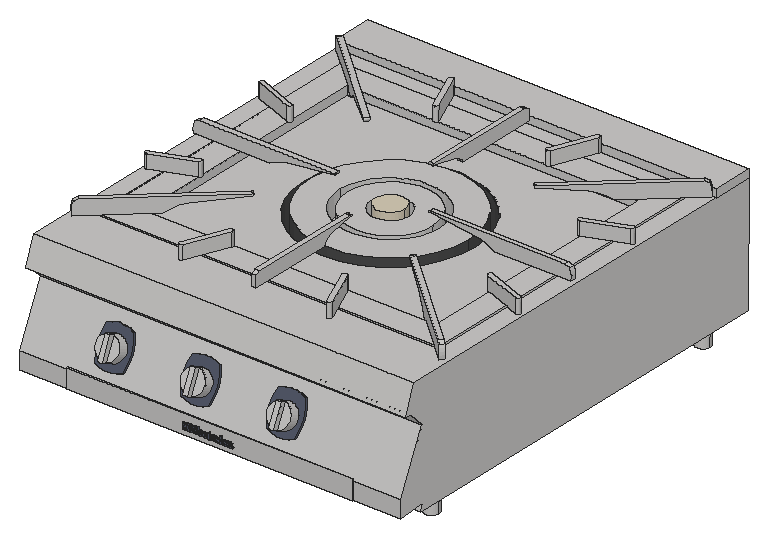
Revit family "QF_ELECTROLUXPROFESSIONAL_391024_E9GCGH3C00", category Specialty Equipment, Revit 2018
Family settings
  Round Connector Dimension = Use Diameter
  Part Type = Normal
  Work Plane-Based = No
  Always vertical = Yes
  Cut with Voids When Loaded = No
  Shared = No
  Room Calculation Point = No
Parameters
  Weight in Pounds = 92
  Watts = 0 W
  URL Cutsheet = "www.electrolux.com/foodservice"
  URL = "www.electrolux.com/foodservice"
  Type Mark [instance] = ""
  Status [instance] = ""
  Specification by User [instance] = ""
  Specification by Manufacturer = ""
  Show Logo [instance] = yes
  Show Clearance [instance] = yes
  Serial Number = ""
  Seismic Rating = ""
  SMACNA No = ""
  Revision Code [instance] = ""
  Omniclass Number and Title = ""
  NAFEM Spec ID Number = ""
  Model = "391024"
  Mechanical Remarks [instance] = ""
  Mechanical Connection Type [instance] = ""
  Masterspec = ""
  Manufacturer = "ELECTROLUX"
  Item Number [instance] = ""
  Installed By [instance] = ""
  Identify Quantity as Lot [instance] = yes
  HP = "0 HP"
  Gas Size = 1/2"
  Gas RI Height [instance] = 0 mm
  Gas KW [instance] = 30
  Gas Input [instance] = 102270.0 Btu/h
  Gas Connection Height = 0 mm
  Furnished By [instance] = ""
  Foodservice Equipment Identifier [instance] = yes
  Direct Waste Size = 0"
  Description = "900XP 3 GAS BOILING TOP 5kW -10kW -15kW – LPG GAS"
  CSI MasterFormat = ""
  CSI Master Format = ""
Reference planes
  plane 1 "BACK": y = 0
  plane 2: z = 0
  plane 3 "LEFT": x = 0
  plane 4 "RIGHT": x = 800
  plane 5 "FRONT": y = -914
  plane 6 "TOP": z = 308
  plane 7 "Center Y": x = 400
  plane 8 "Center X": y = -457
  plane 9: z = 24
  plane 10: y = -900
  plane 11: z = 275
  plane 12: y = -84
  plane 13: y = -800
  plane 14: y = -1684
  plane 15: y = -664
Forms (mm)
  Extrusion 1, solid, material "QF_Finishes_Stainless Steel"
    sketch origin (0, 0, 0) x (0, 1, 0) y (0, 0, 1)
      loop
        line (0, 24) -> (0, 275) -> (-879.344, 275) -> (-900, 218.64) -> (-890.879, 218.64) -> (-859.06, 186.82) -> (-914, 69) -> (-914, 34) -> (-856.118, 38.489) -> (-860, 24) -> (0, 24)
    from 0 to 800
  Extrusion 2, solid, material "QF_Finishes_Stainless Steel"
    sketch origin (0, 0, 24) x (-1, 0, 0) y (0, 1, 0)
      loop
        circle (-15, -100) r 15
      loop
        circle (-15, -814) r 15
      loop
        circle (-785, -100) r 15
      loop
        circle (-785, -814) r 15
    from 0 to 24
  Extrusion 3, solid, material "QF_Finishes_Stainless Steel"
    sketch origin (0, -914, 34) x (0, 0, 1) y (-1, 0, 0)
      loop
        line (40, -700) -> (40, -100) -> (0, -100) -> (0, -700) -> (40, -700)
    from 0 to 2
  Extrusion 4, solid, material "QF_Finishes_Navy Blue - Electrolux"
    sketch origin (0, -914, 69) x (0, 0.422618, 0.906308) y (-1, 0, 0)
      loop
        arc (98.966, -150.646) -> (63.385, -143.022) -> (27.676, -150.029) r 90.5
        arc (27.676, -150.029) -> (20.85, -179.216) -> (27.676, -208.404) r 65.817
        arc (27.676, -208.404) -> (63.384, -215.364) -> (98.966, -207.791) r 91.066
        arc (98.966, -207.791) -> (105.522, -179.219) -> (98.966, -150.646) r 65.546
      loop
        arc (100.841, -330.52) -> (65.26, -322.896) -> (29.551, -329.903) r 90.5
        arc (29.551, -329.903) -> (22.725, -359.09) -> (29.551, -388.278) r 65.817
        arc (29.551, -388.278) -> (65.259, -395.238) -> (100.841, -387.665) r 91.066
        arc (100.841, -387.665) -> (107.397, -359.093) -> (100.841, -330.52) r 65.546
      loop
        arc (102.091, -511.019) -> (66.51, -503.394) -> (30.801, -510.401) r 90.5
        arc (30.801, -510.401) -> (23.975, -539.589) -> (30.801, -568.777) r 65.817
        arc (30.801, -568.777) -> (66.509, -575.737) -> (102.091, -568.164) r 91.066
        arc (102.091, -568.164) -> (108.647, -539.591) -> (102.091, -511.019) r 65.546
    from 0 to 3
  Extrusion 5, solid, material "QF_Finishes_Navy Blue", visible <- "Show Logo"
    sketch origin (0, -916, 34) x (0, 0, 1) y (-1, 0, 0)
      loop
        line (24.014, -353.488) -> (11.648, -353.488)
        arc (11.648, -353.488) -> (17.831, -358.06) -> (24.014, -353.488) r 6.467
      loop
        arc (24.014, -352.859) -> (22.845, -347.716) -> (18.189, -345.238) r 6.338
        line (18.189, -345.238) -> (18.189, -347.284)
        arc (18.189, -347.284) -> (19.673, -350.939) -> (23.119, -352.859) r 5.941
        line (23.119, -352.859) -> (24.014, -352.859)
      loop
        arc (12.543, -352.859) -> (15.989, -350.939) -> (17.472, -347.284) r 5.941
        line (17.472, -347.284) -> (17.472, -345.238)
        arc (17.472, -345.238) -> (12.778, -347.712) -> (11.489, -352.859) r 6.504
        line (11.489, -352.859) -> (12.543, -352.859)
      loop
        line (24.689, -344.769) -> (10.945, -344.769) -> (10.945, -358.532) -> (24.689, -358.532) -> (24.689, -344.769)
      loop
        arc (24.773, -361.5) -> (24.425, -361.142) -> (24.058, -361.48) r 0.358
        arc (24.058, -361.48) -> (23.744, -362.23) -> (23.027, -362.615) r 1.216
        line (23.027, -362.615) -> (12.614, -362.615)
        arc (12.614, -362.615) -> (11.954, -362.337) -> (11.558, -361.741) r 1.238
        arc (11.558, -361.741) -> (11.164, -361.49) -> (10.858, -361.844) r 0.358
        line (10.858, -361.844) -> (10.858, -371.723) -> (13.609, -371.723) -> (13.609, -370.826)
        arc (13.609, -370.826) -> (12.7, -370.246) -> (12.245, -369.269) r 1.928
        line (12.245, -369.269) -> (12.245, -366.77)
        arc (12.245, -366.77) -> (12.52, -366.041) -> (13.209, -365.677) r 1.101
        line (13.209, -365.677) -> (17.295, -365.677) -> (17.295, -369.351)
        arc (17.295, -369.351) -> (16.942, -369.848) -> (16.377, -370.075) r 1.083
        arc (16.377, -370.075) -> (16.114, -370.381) -> (16.406, -370.659) r 0.292
        line (16.406, -370.659) -> (19.368, -370.659)
        arc (19.368, -370.659) -> (19.671, -370.386) -> (19.432, -370.056) r 0.305
        arc (19.432, -370.056) -> (18.942, -369.808) -> (18.637, -369.351) r 1.083
        line (18.637, -369.351) -> (18.637, -365.677) -> (23.314, -365.677) -> (23.314, -369.424)
        arc (23.314, -369.424) -> (23.1, -370.18) -> (22.493, -370.678) r 1.314
        arc (22.493, -370.678) -> (22.274, -371.082) -> (22.629, -371.375) r 0.361
        line (22.629, -371.375) -> (24.773, -371.375) -> (24.773, -361.5)
      loop
        arc (24.055, -372.155) -> (23.675, -373.074) -> (22.756, -373.454) r 1.299
        line (22.756, -373.454) -> (13.178, -373.454)
        arc (13.178, -373.454) -> (12.34, -373.076) -> (12.068, -372.198) r 1.118
        line (12.068, -372.198) -> (10.858, -372.198) -> (10.858, -377.548) -> (12.047, -377.548)
        arc (12.047, -377.548) -> (12.318, -376.631) -> (13.188, -376.235) r 1.153
        line (13.188, -376.235) -> (25.261, -376.235) -> (24.055, -372.155)
      loop
        line (15.823, -380.184) -> (15.823, -386.632) -> (16.622, -386.632)
        arc (16.622, -386.632) -> (19.203, -385.647) -> (20.471, -383.194) r 3.874
        line (20.471, -383.194) -> (20.471, -381.433)
        arc (20.471, -381.433) -> (19.285, -378.568) -> (16.42, -377.382) r 4.051
        line (16.42, -377.382) -> (14.412, -377.382)
        arc (14.412, -377.382) -> (11.594, -378.867) -> (10.542, -381.874) r 4.352
        arc (10.542, -381.874) -> (10.906, -384.337) -> (12.284, -386.411) r 5.713
        line (12.284, -386.411) -> (13.233, -386.411)
        arc (13.233, -386.411) -> (12.5, -384.842) -> (12.284, -383.124) r 5.579
        arc (12.284, -383.124) -> (13.078, -381.161) -> (14.957, -380.184) r 3.057
        line (14.957, -380.184) -> (15.823, -380.184)
      loop
        line (17.082, -380.184) -> (17.082, -383.766)
        arc (17.082, -383.766) -> (18.539, -383.813) -> (19.422, -382.654) r 1.59
        line (19.422, -382.654) -> (19.422, -381.824)
        arc (19.422, -381.824) -> (18.558, -380.569) -> (17.082, -380.184) r 2.184
      loop
        arc (19.873, -396.049) -> (20.362, -394.375) -> (20.52, -392.638) r 9.023
        line (20.52, -392.638) -> (20.52, -391.276)
        arc (20.52, -391.276) -> (19.36, -388.476) -> (16.561, -387.317) r 3.959
        line (16.561, -387.317) -> (13.96, -387.317)
        arc (13.96, -387.317) -> (11.679, -388.609) -> (10.561, -390.982) r 4.331
        line (10.561, -390.982) -> (10.561, -393.117)
        arc (10.561, -393.117) -> (11.069, -394.667) -> (11.991, -396.013) r 5.772
        arc (11.991, -396.013) -> (12.753, -396.064) -> (12.839, -395.305) r 0.553
        arc (12.839, -395.305) -> (12.451, -394.571) -> (12.318, -393.752) r 2.573
        line (12.318, -393.752) -> (12.318, -392.237)
        arc (12.318, -392.237) -> (13.323, -390.595) -> (15.138, -389.953) r 2.884
        line (15.138, -389.953) -> (16.417, -389.953)
        arc (16.417, -389.953) -> (18.238, -390.513) -> (19.165, -392.178) r 2.554
        line (19.165, -392.178) -> (19.165, -393.231)
        arc (19.165, -393.231) -> (18.833, -394.159) -> (18.176, -394.894) r 2.564
        arc (18.176, -394.894) -> (17.955, -395.611) -> (18.564, -396.049) r 0.643
        line (18.564, -396.049) -> (19.873, -396.049)
      loop
        line (18.855, -396.319) -> (18.855, -397.82) -> (12.807, -397.82)
        arc (12.807, -397.82) -> (11.219, -398.478) -> (10.561, -400.066) r 2.246
        line (10.561, -400.066) -> (10.561, -401.65)
        arc (10.561, -401.65) -> (10.875, -402.514) -> (11.376, -403.286) r 4.06
        arc (11.376, -403.286) -> (12.108, -403.419) -> (12.359, -402.718) r 0.576
        arc (12.359, -402.718) -> (12.253, -402.192) -> (12.318, -401.66) r 1.69
        arc (12.318, -401.66) -> (12.859, -400.872) -> (13.766, -400.569) r 1.506
        line (13.766, -400.569) -> (18.903, -400.569) -> (18.903, -402.966) -> (19.46, -403.522) -> (20.281, -403.522) -> (20.281, -400.663) -> (23.513, -400.663) -> (18.855, -396.319)
      loop
        line (10.779, -404.42) -> (10.779, -409.807) -> (11.889, -409.807)
        arc (11.889, -409.807) -> (12.283, -408.856) -> (13.234, -408.462) r 1.345
        line (13.234, -408.462) -> (16.85, -408.462)
        arc (16.85, -408.462) -> (17.614, -409.054) -> (17.904, -409.976) r 1.615
        line (17.904, -409.976) -> (17.904, -411.532) -> (20.46, -412.217) -> (20.46, -410.834) -> (18.517, -408.275) -> (20.397, -408.275) -> (20.113, -405.569)
        arc (20.113, -405.569) -> (19.673, -405.039) -> (19.015, -405.24) r 0.621
        arc (19.015, -405.24) -> (18.614, -405.582) -> (18.12, -405.765) r 1.501
        line (18.12, -405.765) -> (13.234, -405.765)
        arc (13.234, -405.765) -> (12.283, -405.371) -> (11.889, -404.42) r 1.345
        line (11.889, -404.42) -> (10.779, -404.42)
      loop
        line (16.881, -411.754) -> (14.188, -411.754)
        arc (14.188, -411.754) -> (11.743, -413.062) -> (10.609, -415.592) r 4.288
        arc (10.609, -415.592) -> (10.545, -416.973) -> (10.609, -418.353) r 15.022
        arc (10.609, -418.353) -> (11.743, -420.884) -> (14.188, -422.191) r 4.288
        line (14.188, -422.191) -> (16.881, -422.191)
        arc (16.881, -422.191) -> (19.326, -420.884) -> (20.46, -418.353) r 4.288
        arc (20.46, -418.353) -> (20.523, -416.973) -> (20.46, -415.592) r 15.022
        arc (20.46, -415.592) -> (19.326, -413.062) -> (16.881, -411.754) r 4.288
      loop
        line (17.085, -414.868) -> (13.984, -414.868)
        arc (13.984, -414.868) -> (11.827, -417.025) -> (13.984, -419.182) r 2.157
        line (13.984, -419.182) -> (17.085, -419.182)
        arc (17.085, -419.182) -> (19.242, -417.025) -> (17.085, -414.868) r 2.157
      loop
        arc (24.066, -422.049) -> (23.696, -422.944) -> (22.802, -423.314) r 1.264
        line (22.802, -423.314) -> (12.937, -423.314)
        arc (12.937, -423.314) -> (12.067, -422.917) -> (11.796, -422.001) r 1.153
        line (11.796, -422.001) -> (10.858, -422.001) -> (10.858, -427.109) -> (11.786, -427.109)
        arc (11.786, -427.109) -> (12.146, -426.337) -> (12.937, -426.022) r 1.153
        line (12.937, -426.022) -> (25.261, -426.022) -> (24.066, -422.049)
      loop
        arc (19.186, -426.647) -> (18.987, -427.711) -> (18.018, -428.193) r 1.215
        line (18.018, -428.193) -> (12.998, -428.193)
        arc (12.998, -428.193) -> (11.384, -428.84) -> (10.663, -430.423) r 2.338
        line (10.663, -430.423) -> (10.663, -431.938)
        arc (10.663, -431.938) -> (10.837, -432.942) -> (11.34, -433.828) r 2.979
        line (11.34, -433.828) -> (10.858, -435.625) -> (10.858, -437.314) -> (20.284, -437.314) -> (19.99, -433.11) -> (19.203, -433.11)
        arc (19.203, -433.11) -> (18.848, -433.946) -> (18.095, -434.455) r 1.605
        line (18.095, -434.455) -> (12.992, -434.455)
        arc (12.992, -434.455) -> (12.572, -433.518) -> (12.499, -432.494) r 2.94
        arc (12.499, -432.494) -> (13.06, -431.393) -> (14.214, -430.95) r 1.724
        line (14.214, -430.95) -> (20.41, -430.95) -> (19.186, -426.647)
      loop
        line (20.215, -438.167) -> (18.542, -440.213) -> (15.368, -442.519) -> (11.912, -439.407)
        arc (11.912, -439.407) -> (11.675, -439.013) -> (11.697, -438.554) r 0.789
        line (11.697, -438.554) -> (10.858, -438.554) -> (10.858, -442.099) -> (11.684, -442.099)
        arc (11.684, -442.099) -> (12.027, -441.737) -> (12.517, -441.829) r 0.52
        line (12.517, -441.829) -> (14.317, -443.3) -> (12.198, -444.676)
        arc (12.198, -444.676) -> (11.797, -444.366) -> (11.71, -443.866) r 0.7
        line (11.71, -443.866) -> (10.858, -443.866) -> (10.858, -449.793) -> (11.745, -449.793)
        arc (11.745, -449.793) -> (11.812, -449.134) -> (12.207, -448.603) r 1.247
        line (12.207, -448.603) -> (16.406, -445.322) -> (18.854, -447.375) -> (20.215, -449.117) -> (20.215, -445.393) -> (18.729, -445.816) -> (17.208, -444.539) -> (18.908, -443.349) -> (20.215, -444.126) -> (20.215, -438.167)
    from 0 to 1.644
  Extrusion 6, solid, material "QF_Finishes_Stainless Steel"
    sketch origin (0, -916.719, 70.268) x (0, 0.422618, 0.906308) y (-1, 0, 0)
      loop
        circle (62.18, -179.37) r 25
      loop
        circle (62.18, -359.114) r 25
      loop
        circle (62.18, -539.609) r 25
    from 0 to 20
  Extrusion 7, solid, material "QF_Finishes_Stainless Steel"
    sketch origin (0, -934.845, 78.72) x (0, 0.422618, 0.906308) y (-1, 0, 0)
      loop
        arc (37.825, -173.729) -> (37.188, -178.715) -> (37.562, -183.729) r 25
        line (37.562, -183.729) -> (86.797, -183.729)
        arc (86.797, -183.729) -> (87.171, -178.715) -> (86.535, -173.729) r 25
        line (86.535, -173.729) -> (37.825, -173.729)
      loop
        arc (37.825, -353.472) -> (37.188, -358.458) -> (37.562, -363.472) r 25
        line (37.562, -363.472) -> (86.797, -363.472)
        arc (86.797, -363.472) -> (87.171, -358.458) -> (86.535, -353.472) r 25
        line (86.535, -353.472) -> (37.825, -353.472)
      loop
        arc (37.825, -533.967) -> (37.188, -538.954) -> (37.562, -543.967) r 25
        line (37.562, -543.967) -> (86.797, -543.967)
        arc (86.797, -543.967) -> (87.171, -538.954) -> (86.535, -533.967) r 25
        line (86.535, -533.967) -> (37.825, -533.967)
    from 0 to 10
  Extrusion 8, void
    sketch origin (0, -878.409, 275) x (-1, 0, 0) y (0, 1, 0)
      loop
        line (-39.623, 759.69) -> (-759.623, 759.69) -> (-759.623, 114.69) -> (-39.623, 114.69) -> (-39.623, 759.69)
    from 0 to 100
  Extrusion 9, solid, material "QF_Finishes_Stainless Steel"
    sketch origin (-6.433, -684.161, -570.85) x (1, 0, 0) y (0, 0, -1)
      loop
        arc (7.142, -850.85) -> (6.739, -862.989) -> (9.761, -874.752) r 42.809
        line (9.761, -874.752) -> (19.961, -879.425) -> (304.372, -879.425)
        arc (304.372, -879.425) -> (305.566, -878.312) -> (304.539, -877.043) r 1.197
        line (304.539, -877.043) -> (196.098, -864.021)
        arc (196.098, -864.021) -> (181.361, -858.738) -> (167.839, -850.85) r 85.245
        line (167.839, -850.85) -> (7.142, -850.85)
      loop
        line (801.386, -850.85) -> (640.689, -850.85)
        arc (640.689, -850.85) -> (627.167, -858.738) -> (612.43, -864.021) r 85.245
        line (612.43, -864.021) -> (503.99, -877.043)
        arc (503.99, -877.043) -> (502.962, -878.312) -> (504.156, -879.425) r 1.197
        line (504.156, -879.425) -> (788.567, -879.425) -> (798.768, -874.752)
        arc (798.768, -874.752) -> (801.79, -862.989) -> (801.386, -850.85) r 42.809
    from 224.564 to 234.564
  Extrusion 10, solid, material "QF_Finishes_Stainless Steel"
    sketch origin (400, 175.397, 1219.2) x (0, 1, 0) y (0, 0, 1)
      loop
        line (-433.119, -939.2) -> (-259.397, -939.2) -> (-259.397, -915.356)
        arc (-259.397, -915.356) -> (-264.672, -914.273) -> (-269.094, -911.2) r 13.39
        line (-269.094, -911.2) -> (-507.559, -911.2)
        arc (-507.559, -911.2) -> (-508.657, -912.874) -> (-506.684, -913.214) r 1.197
        line (-506.684, -913.214) -> (-455.807, -923.314)
        arc (-455.807, -923.314) -> (-442.397, -928.307) -> (-433.119, -939.2) r 28.426
      loop
        arc (-798.988, -939.2) -> (-789.71, -928.307) -> (-776.3, -923.314) r 28.426
        line (-776.3, -923.314) -> (-725.422, -913.214)
        arc (-725.422, -913.214) -> (-723.45, -912.874) -> (-724.548, -911.2) r 1.197
        line (-724.548, -911.2) -> (-965.701, -911.2)
        arc (-965.701, -911.2) -> (-970.123, -914.273) -> (-975.397, -915.356) r 13.39
        line (-975.397, -915.356) -> (-975.397, -939.2) -> (-798.988, -939.2)
    from -5 to 5
  Extrusion 11, solid, material "QF_Finishes_Stainless Steel"
    sketch origin (0, -878.409, 277) x (0, 1, 0) y (-1, 0, 0)
      loop
        line (581.872, -9.079) -> (550.465, -92.006)
        arc (550.465, -92.006) -> (553.37, -98.453) -> (559.817, -95.548) r 5
        line (559.817, -95.548) -> (591.224, -12.621)
        arc (591.224, -12.621) -> (588.319, -6.174) -> (581.872, -9.079) r 5
      loop
        line (787.667, -241.4) -> (704.196, -276.831)
        arc (704.196, -276.831) -> (701.547, -283.387) -> (708.103, -286.036) r 5
        line (708.103, -286.036) -> (791.574, -250.605)
        arc (791.574, -250.605) -> (794.223, -244.049) -> (787.667, -241.4) r 5
      loop
        arc (291.572, -9.079) -> (285.125, -6.174) -> (282.22, -12.621) r 5
        line (282.22, -12.621) -> (313.626, -95.548)
        arc (313.626, -95.548) -> (320.073, -98.453) -> (322.978, -92.006) r 5
        line (322.978, -92.006) -> (291.572, -9.079)
      loop
        arc (85.152, -240.15) -> (78.595, -242.799) -> (81.244, -249.355) r 5
        line (81.244, -249.355) -> (164.716, -284.786)
        arc (164.716, -284.786) -> (171.272, -282.137) -> (168.623, -275.581) r 5
        line (168.623, -275.581) -> (85.152, -240.15)
      loop
        arc (581.872, -790.921) -> (588.319, -793.826) -> (591.224, -787.379) r 5
        line (591.224, -787.379) -> (559.817, -704.452)
        arc (559.817, -704.452) -> (553.37, -701.547) -> (550.465, -707.994) r 5
        line (550.465, -707.994) -> (581.872, -790.921)
      loop
        arc (787.667, -558.6) -> (794.223, -555.951) -> (791.574, -549.395) r 5
        line (791.574, -549.395) -> (708.103, -513.964)
        arc (708.103, -513.964) -> (701.547, -516.613) -> (704.196, -523.169) r 5
        line (704.196, -523.169) -> (787.667, -558.6)
      loop
        line (291.572, -790.921) -> (322.978, -707.994)
        arc (322.978, -707.994) -> (320.073, -701.547) -> (313.626, -704.452) r 5
        line (313.626, -704.452) -> (282.22, -787.379)
        arc (282.22, -787.379) -> (285.125, -793.826) -> (291.572, -790.921) r 5
      loop
        line (85.152, -559.85) -> (168.623, -524.419)
        arc (168.623, -524.419) -> (171.272, -517.863) -> (164.716, -515.214) r 5
        line (164.716, -515.214) -> (81.244, -550.645)
        arc (81.244, -550.645) -> (78.595, -557.201) -> (85.152, -559.85) r 5
    from 0 to 28.575
  Extrusion 12, solid, material "QF_Finishes_Stainless Steel"
    sketch origin (0, -878.409, 275) x (0, 1, 0) y (-1, 0, 0)
      loop
        line (114.69, -39.623) -> (114.69, -759.674) -> (759.69, -759.674) -> (759.69, -39.623) -> (114.69, -39.623)
      loop
        line (704.69, -94.623) -> (169.69, -94.623) -> (169.69, -709.674) -> (704.69, -709.674) -> (704.69, -94.623)
    from -100 to 2
  Extrusion 13, solid, material "QF_Finishes_Stainless Steel"
    sketch origin (399.721, -619.508, -570.85) x (0.742103, 0.670286, 0) y (0, 0, -1)
      loop
        line (358.518, -878.85) -> (636.681, -878.85) -> (645.643, -874.79)
        arc (645.643, -874.79) -> (648.793, -861.477) -> (647.579, -847.85) r 42.78
        line (647.579, -847.85) -> (488.137, -847.85)
        arc (488.137, -847.85) -> (468.593, -860.073) -> (446.498, -866.646) r 85.713
        line (446.498, -866.646) -> (358.333, -874.875)
        arc (358.333, -874.875) -> (356.528, -876.951) -> (358.518, -878.85) r 1.992
      loop
        arc (-107.544, -878.85) -> (-105.85, -877.226) -> (-107.402, -875.465) r 1.695
        line (-107.402, -875.465) -> (-212.879, -866.575)
        arc (-212.879, -866.575) -> (-234.971, -860.038) -> (-254.522, -847.85) r 85.668
        line (-254.522, -847.85) -> (-404.099, -847.85)
        arc (-404.099, -847.85) -> (-405.304, -861.471) -> (-402.151, -874.777) r 42.79
        line (-402.151, -874.777) -> (-393.186, -878.85) -> (-107.544, -878.85)
    from 127.064 to 137.064
  Extrusion 14, solid, material "QF_Finishes_Almond"
    sketch origin (0, -878.409, 175) x (-1, 0, 0) y (0, -1, 0)
      loop
        circle (-400, -436.745) r 30.672
    from 0 to 105
  Extrusion 15, solid, material "QF_Finishes_Stainless Steel"
    sketch origin (0, -878.409, 225) x (-1, 0, 0) y (0, -1, 0)
      loop
        circle (-400, -436.745) r 165
      loop
        circle (-400, -436.745) r 90
      loop
        circle (-400, -436.745) r 105
      loop
        circle (-400, -436.745) r 40.672
    from 0 to 45
  Extrusion 16, solid, material "QF_Finishes_Stainless Steel"
    sketch origin (0, -878.409, 175) x (-1, 0, 0) y (0, 1, 0)
      loop
        line (-709.674, 704.69) -> (-709.674, 169.69) -> (-94.623, 169.69) -> (-94.623, 704.69) -> (-709.674, 704.69)
      loop
        circle (-400, 436.745) r 180
    from 0 to -85
  Extrusion 17, solid, material "QF_Finishes_Stainless Steel"
    sketch origin (400.279, -619.508, -570.85) x (-0.742103, 0.670286, 0) y (0, 0, 1)
      loop
        arc (358.518, 878.85) -> (356.528, 876.951) -> (358.333, 874.875) r 1.992
        line (358.333, 874.875) -> (446.498, 866.646)
        arc (446.498, 866.646) -> (468.593, 860.073) -> (488.137, 847.85) r 85.713
        line (488.137, 847.85) -> (647.579, 847.85)
        arc (647.579, 847.85) -> (648.793, 861.477) -> (645.643, 874.79) r 42.78
        line (645.643, 874.79) -> (636.681, 878.85) -> (358.518, 878.85)
      loop
        line (-107.544, 878.85) -> (-393.186, 878.85) -> (-402.151, 874.777)
        arc (-402.151, 874.777) -> (-405.304, 861.471) -> (-404.099, 847.85) r 42.79
        line (-404.099, 847.85) -> (-254.522, 847.85)
        arc (-254.522, 847.85) -> (-234.971, 860.038) -> (-212.879, 866.575) r 85.668
        line (-212.879, 866.575) -> (-107.402, 875.465)
        arc (-107.402, 875.465) -> (-105.85, 877.226) -> (-107.544, 878.85) r 1.695
    from 127.064 to 137.064
  Extrusion 18, solid, material "QF_Finishes_Stainless Steel"
    sketch origin (800, 0, 0) x (0, 1, 0) y (0, 0, 1)
      loop
        line (-84, 275) -> (0, 275) -> (0, 291.5) -> (-84, 291.5) -> (-84, 275)
    from 0 to -800
  Extrusion 19, solid, material "QF_Door-Drawer Clearances", visible <- "Show Clearance", detail levels coarse
    sketch origin (700, -914, 69) x (0, 0, -1) y (0, 1, 0)
      loop
        line (-5, -2) -> (-5, -770) -> (35, -770) -> (35, -2) -> (-5, -2)
    from 0 to -600
  Extrusion 20, solid, material "QF_Finishes_Stainless Steel"
    sketch origin (0, 0, 24) x (-1, 0, 0) y (0, 1, 0)
      loop
        circle (-746, -664) r 6.4
    from 0 to 5
Cuts and joins
  Extrusion 8 cuts Extrusion 1
Lines and regions (mm)
  Split face 1
    outline origin (0, -914, 69) x (0, 0.422618, 0.906308) y (-1, 0, 0)
      loop
        circle (91.384, -259.531) r 10
  Split face 2
    outline origin (179.871, -914, 69) x (0, 0.422618, 0.906308) y (-1, 0, 0)
      loop
        circle (91.384, -259.531) r 10
  Split face 3
    outline origin (360.346, -914, 69) x (0, 0.422618, 0.906308) y (-1, 0, 0)
      loop
        circle (91.384, -259.531) r 10
  symbolic lines
    curve 1: line (800, 0, 0) -> (0, 0, 0)
    curve 2: line (0, 0, 0) -> (0, -914, 0)
    curve 3: line (800, -914, 0) -> (800, 0, 0)
    curve 4: line (0, -914, 0) -> (154.375, -914, 0)
    curve 5: line (286.036, -170.306, 0) -> (250.605, -86.835, 0)
    curve 6: arc (250.605, -86.835, 0) -> (244.049, -84.186, 0) -> (241.4, -90.742, 0) r 5
    curve 7: line (241.4, -90.742, 0) -> (276.831, -174.214, 0)
    curve 8: arc (276.831, -174.214, 0) -> (283.387, -176.862, 0) -> (286.036, -170.306, 0) r 5
    curve 9: line (523.169, -174.214, 0) -> (558.6, -90.742, 0)
    curve 10: arc (558.6, -90.742, 0) -> (555.951, -84.186, 0) -> (549.395, -86.835, 0) r 5
    curve 11: line (549.395, -86.835, 0) -> (513.964, -170.306, 0)
    curve 12: arc (513.964, -170.306, 0) -> (516.613, -176.862, 0) -> (523.169, -174.214, 0) r 5
    curve 13: line (787.379, -287.185, 0) -> (704.452, -318.592, 0)
    curve 14: arc (704.452, -318.592, 0) -> (701.547, -325.039, 0) -> (707.994, -327.944, 0) r 5
    curve 15: line (707.994, -327.944, 0) -> (790.921, -296.537, 0)
    curve 16: arc (790.921, -296.537, 0) -> (793.826, -290.09, 0) -> (787.379, -287.185, 0) r 5
    curve 17: line (790.921, -586.838, 0) -> (707.994, -555.431, 0)
    curve 18: arc (707.994, -555.431, 0) -> (701.547, -558.336, 0) -> (704.452, -564.783, 0) r 5
    curve 19: line (704.452, -564.783, 0) -> (787.379, -596.19, 0)
    curve 20: arc (787.379, -596.19, 0) -> (793.826, -593.285, 0) -> (790.921, -586.838, 0) r 5
    curve 21: line (559.85, -793.258, 0) -> (524.419, -709.786, 0)
    curve 22: arc (524.419, -709.786, 0) -> (517.863, -707.138, 0) -> (515.214, -713.694, 0) r 5
    curve 23: line (515.214, -713.694, 0) -> (550.645, -797.165, 0)
    curve 24: arc (550.645, -797.165, 0) -> (557.201, -799.814, 0) -> (559.85, -793.258, 0) r 5
    curve 25: line (249.355, -797.165, 0) -> (284.786, -713.694, 0)
    curve 26: arc (284.786, -713.694, 0) -> (282.137, -707.138, 0) -> (275.581, -709.786, 0) r 5
    curve 27: line (275.581, -709.786, 0) -> (240.15, -793.258, 0)
    curve 28: arc (240.15, -793.258, 0) -> (242.799, -799.814, 0) -> (249.355, -797.165, 0) r 5
    curve 29: line (12.621, -596.19, 0) -> (95.548, -564.783, 0)
    curve 30: arc (95.548, -564.783, 0) -> (98.453, -558.336, 0) -> (92.006, -555.431, 0) r 5
    curve 31: line (92.006, -555.431, 0) -> (9.079, -586.838, 0)
    curve 32: arc (9.079, -586.838, 0) -> (6.174, -593.285, 0) -> (12.621, -596.19, 0) r 5
    curve 33: line (9.079, -296.537, 0) -> (92.006, -327.944, 0)
    curve 34: arc (92.006, -327.944, 0) -> (98.453, -325.039, 0) -> (95.548, -318.592, 0) r 5
    curve 35: line (95.548, -318.592, 0) -> (12.621, -287.185, 0)
    curve 36: arc (12.621, -287.185, 0) -> (6.174, -290.09, 0) -> (9.079, -296.537, 0) r 5
    curve 37: line (6.013, -92.175, 0) -> (219.374, -284.889, 0)
    curve 38: arc (12.716, -84.754, 0) -> (5.654, -85.113, 0) -> (6.013, -92.175, 0) r 5
    curve 39: line (226.077, -277.468, 0) -> (12.716, -84.754, 0)
    curve 40: arc (219.374, -284.889, 0) -> (226.436, -284.53, 0) -> (226.077, -277.468, 0) r 5
    curve 41: line (793.987, -92.175, 0) -> (580.626, -284.889, 0)
    curve 42: arc (787.284, -84.754, 0) -> (794.346, -85.113, 0) -> (793.987, -92.175, 0) r 5
    curve 43: line (573.923, -277.468, 0) -> (787.284, -84.754, 0)
    curve 44: arc (580.626, -284.889, 0) -> (573.564, -284.53, 0) -> (573.923, -277.468, 0) r 5
    curve 45: line (793.776, -790.497, 0) -> (572.339, -590.49, 0)
    curve 46: arc (787.073, -797.918, 0) -> (794.135, -797.559, 0) -> (793.776, -790.497, 0) r 5
    curve 47: line (565.636, -597.911, 0) -> (787.073, -797.918, 0)
    curve 48: arc (572.339, -590.49, 0) -> (565.277, -590.849, 0) -> (565.636, -597.911, 0) r 5
    curve 49: line (6.224, -790.497, 0) -> (227.661, -590.49, 0)
    curve 50: arc (12.927, -797.918, 0) -> (5.865, -797.559, 0) -> (6.224, -790.497, 0) r 5
    curve 51: line (234.364, -597.911, 0) -> (12.927, -797.918, 0)
    curve 52: arc (227.661, -590.49, 0) -> (234.723, -590.849, 0) -> (234.364, -597.911, 0) r 5
    curve 53: arc (430.672, -441.664, 0) -> (400, -410.992, 0) -> (369.328, -441.664, 0) r 30.672
    curve 54: arc (369.328, -441.664, 0) -> (400, -472.336, 0) -> (430.672, -441.664, 0) r 30.672
    curve 55: arc (359.328, -441.664, 0) -> (400, -400.992, 0) -> (440.672, -441.664, 0) r 40.672
    curve 56: arc (440.672, -441.664, 0) -> (400, -482.336, 0) -> (359.328, -441.664, 0) r 40.672
    curve 57: arc (490, -441.664, 0) -> (400, -351.664, 0) -> (310, -441.664, 0) r 90
    curve 58: arc (310, -441.664, 0) -> (400, -531.664, 0) -> (490, -441.664, 0) r 90
    curve 59: arc (295, -441.664, 0) -> (400, -336.664, 0) -> (505, -441.664, 0) r 105
    curve 60: arc (505, -441.664, 0) -> (504.927, -445.59, 0) -> (504.706, -449.511, 0) r 105
    curve 61: arc (565, -441.664, 0) -> (518.427, -326.773, 0) -> (405, -276.74, 0) r 165
    curve 62: arc (235, -441.664, 0) -> (235.047, -445.589, 0) -> (235.187, -449.511, 0) r 165
    curve 63: arc (220, -441.664, 0) -> (270.965, -316.165, 0) -> (395, -261.734, 0) r 180
    curve 64: arc (580, -441.664, 0) -> (579.957, -445.589, 0) -> (579.829, -449.511, 0) r 180
    curve 65: line (4.698, -459.511, 0) -> (297.747, -459.511, 0)
    curve 66: line (297.747, -449.511, 0) -> (4.698, -449.511, 0)
    curve 67: arc (297.747, -459.511, 0) -> (302.747, -454.511, 0) -> (297.747, -449.511, 0) r 5
    curve 68: arc (4.698, -459.511, 0) -> (-0.302, -454.511, 0) -> (4.698, -449.511, 0) r 5
    curve 69: line (795.302, -459.511, 0) -> (500.991, -459.511, 0)
    curve 70: line (500.991, -449.511, 0) -> (795.302, -449.511, 0)
    curve 71: arc (500.991, -459.511, 0) -> (495.991, -454.511, 0) -> (500.991, -449.511, 0) r 5
    curve 72: arc (795.302, -459.511, 0) -> (800.302, -454.511, 0) -> (795.302, -449.511, 0) r 5
    curve 73: line (94.623, -173.719, 0) -> (96.293, -173.719, 0)
    curve 74: line (749.681, -118.719, 0) -> (546.725, -118.719, 0)
    curve 75: line (94.623, -708.719, 0) -> (94.623, -565.133, 0)
    curve 76: line (39.623, -122.533, 0) -> (39.623, -297.412, 0)
    curve 77: line (709.674, -173.719, 0) -> (709.674, -316.615, 0)
    curve 78: line (759.674, -759.695, 0) -> (759.674, -585.697, 0)
    curve 79: line (709.674, -708.719, 0) -> (703.236, -708.719, 0)
    curve 80: line (395, -118.719, 0) -> (264.139, -118.719, 0)
    curve 81: line (405, -173.719, 0) -> (513.784, -173.719, 0)
    curve 82: line (535.861, -118.719, 0) -> (405, -118.719, 0)
    curve 83: line (523.379, -173.719, 0) -> (688.788, -173.719, 0)
    curve 84: line (703.707, -173.719, 0) -> (709.674, -173.719, 0)
    curve 85: line (286.216, -173.719, 0) -> (395, -173.719, 0)
    curve 86: line (111.212, -173.719, 0) -> (276.621, -173.719, 0)
    curve 87: line (94.623, -318.242, 0) -> (94.623, -173.719, 0)
    curve 88: line (39.623, -308.105, 0) -> (39.623, -449.511, 0)
    curve 89: line (39.623, -459.511, 0) -> (39.623, -575.27, 0)
    curve 90: line (94.623, -449.511, 0) -> (94.623, -328.196, 0)
    curve 91: line (94.623, -555.179, 0) -> (94.623, -459.511, 0)
    curve 92: line (39.623, -585.963, 0) -> (39.623, -760.331, 0)
    curve 93: line (96.764, -708.719, 0) -> (94.623, -708.719, 0)
    curve 94: line (50.791, -763.719, 0) -> (252.688, -763.719, 0)
    curve 95: line (263.552, -763.719, 0) -> (395, -763.719, 0)
    curve 96: line (276.2, -708.719, 0) -> (111.683, -708.719, 0)
    curve 97: line (395, -708.719, 0) -> (284.168, -708.719, 0)
    curve 98: line (405, -763.719, 0) -> (536.448, -763.719, 0)
    curve 99: line (547.312, -763.719, 0) -> (749.209, -763.719, 0)
    curve 100: line (515.832, -708.719, 0) -> (405, -708.719, 0)
    curve 101: line (688.317, -708.719, 0) -> (523.8, -708.719, 0)
    curve 102: line (759.674, -575.004, 0) -> (759.674, -459.511, 0)
    curve 103: line (709.674, -566.76, 0) -> (709.674, -708.719, 0)
    curve 104: line (759.674, -449.511, 0) -> (759.674, -308.371, 0)
    curve 105: line (709.674, -459.511, 0) -> (709.674, -556.067, 0)
    curve 106: line (759.674, -297.678, 0) -> (759.674, -123.168, 0)
    curve 107: line (709.674, -327.308, 0) -> (709.674, -449.511, 0)
    curve 108: arc (579.113, -459.511, 0) -> (522.646, -573.413, 0) -> (405, -621.595, 0) r 180
    curve 109: arc (564.813, -449.511, 0) -> (564.953, -445.589, 0) -> (565, -441.664, 0) r 165
    curve 110: arc (503.472, -459.511, 0) -> (400, -546.664, 0) -> (296.528, -459.511, 0) r 105
    curve 111: line (405, -795.077, 0) -> (405, -612.224, 0)
    curve 112: line (395, -88.672, 0) -> (395, -328.516, 0)
    curve 113: arc (405, -88.672, 0) -> (400, -83.672, 0) -> (395, -88.672, 0) r 5
    curve 114: arc (395, -795.077, 0) -> (400, -800.077, 0) -> (405, -795.077, 0) r 5
    curve 115: line (405, -328.516, 0) -> (405, -88.672, 0)
    curve 116: line (395, -552.224, 0) -> (395, -612.224, 0)
    curve 117: arc (405, -552.224, 0) -> (400, -547.224, 0) -> (395, -552.224, 0) r 5
    curve 118: arc (395, -328.516, 0) -> (400, -333.516, 0) -> (405, -328.516, 0) r 5
    curve 119: line (405, -612.224, 0) -> (405, -552.224, 0)
    curve 120: line (395, -612.224, 0) -> (395, -795.077, 0)
    curve 121: arc (235.968, -459.511, 0) -> (287.969, -562.801, 0) -> (395, -606.588, 0) r 165
    curve 122: arc (220.171, -449.511, 0) -> (220.043, -445.589, 0) -> (220, -441.664, 0) r 180
    curve 123: arc (295.294, -449.511, 0) -> (295.073, -445.59, 0) -> (295, -441.664, 0) r 105
    curve 124: arc (395, -276.74, 0) -> (281.573, -326.773, 0) -> (235, -441.664, 0) r 165
    curve 125: arc (405, -261.734, 0) -> (529.035, -316.165, 0) -> (580, -441.664, 0) r 180
    curve 126: arc (405, -606.588, 0) -> (512.031, -562.801, 0) -> (564.032, -459.511, 0) r 165
    curve 127: arc (395, -621.595, 0) -> (277.354, -573.413, 0) -> (220.887, -459.511, 0) r 180
    curve 131: line (0, -900, 0) -> (800, -900, 0)
    curve 132: line (800, -879.344, 0) -> (0, -879.344, 0)
    curve 133: line (154.375, -900, 0) -> (154.375, -921.46, 0)
    curve 134: line (205, -900, 0) -> (205, -921.46, 0)
    curve 135: line (205, -921.46, 0) -> (154.375, -921.46, 0)
    curve 136: line (333.698, -900, 0) -> (333.698, -921.46, 0)
    curve 137: line (384.323, -900, 0) -> (384.323, -921.46, 0)
    curve 138: line (384.323, -921.46, 0) -> (333.698, -921.46, 0)
    curve 139: line (514.388, -900, 0) -> (514.388, -921.46, 0)
    curve 140: line (565.013, -900, 0) -> (565.013, -921.46, 0)
    curve 141: line (565.013, -921.46, 0) -> (514.388, -921.46, 0)
    curve 142: line (205, -914, 0) -> (333.698, -914, 0)
    curve 143: line (384.323, -914, 0) -> (514.388, -914, 0)
    curve 144: line (565.013, -914, 0) -> (800, -914, 0)
    curve 145: line (253.275, -118.719, 0) -> (50.319, -118.719, 0)
  symbolic lines, style "QF_Door-Drawer Clearances"
    curve 128: line (100, -1684, 0) -> (700, -1684, 0)
    curve 129: line (700, -1684, 0) -> (700, -914, 0)
    curve 130: line (100, -1684, 0) -> (100, -914, 0)
Dimensions and locks
  equal spacing: plane 3 "LEFT", plane 7 "Center Y", plane 4 "RIGHT"
  plane 3 "LEFT" to plane 4 "RIGHT" = 800 mm
  equal spacing: plane 5 "FRONT", plane 8 "Center X", plane 1 "BACK"
  plane 5 "FRONT" to plane 1 "BACK" = 914 mm
  plane 9 to plane 2 = 24 mm
  plane 10 to plane 1 "BACK" = 900 mm
  plane 11 to plane 9 = 251 mm
  plane 6 "TOP" to plane 2 = 308 mm
  plane 14 to plane 1 "BACK" = 1684 mm
  Extrusion 20 sketch curve to plane 4 "RIGHT" = 54 mm
  Extrusion 20 sketch curve to plane 1 "BACK" = 664 mm
  plane 15 to plane 1 "BACK" = 664 mm
  plane 13 to plane 12 = 716 mm
  plane 12 to plane 1 "BACK" = 84 mm
  aligned and locked: level to plane 2
Automatic sketch dimensions
  Extrusion 1 sketch curve to plane 5 "FRONT" = 0 mm
  Extrusion 1 sketch curve to plane 10 = 0 mm
  Extrusion 1 sketch curve to plane 11 = 0 mm
  Extrusion 1 sketch curve to plane 9 = 0 mm
  Extrusion 1 sketch curve to plane 1 "BACK" = 0 mm
  Extrusion 1 sketch curve to Extrusion 1 sketch curve = 9.121 mm
  Extrusion 1 sketch curve to plane 10 = 20.656 mm
  Extrusion 1 sketch curve to plane 10 = 40 mm
  Extrusion 1 sketch curve to plane 10 = 40.94 mm
  plane 9 to Extrusion 1 sketch curve = 14.489 mm
  Extrusion 1 sketch curve to Extrusion 1 sketch curve = 3.882 mm
  plane 9 to Extrusion 1 sketch curve = 10 mm
  Extrusion 1 sketch curve to Extrusion 1 sketch curve = 35 mm
  Extrusion 1 sketch curve to plane 11 = 88.18 mm
  Extrusion 1 sketch curve to Extrusion 1 sketch curve = 31.82 mm
  Extrusion 2 sketch curve to Extrusion 1 = 15 mm  (x4)
  Extrusion 1 to Extrusion 2 sketch curve = 100 mm  (x2)
  Extrusion 1 to Extrusion 2 sketch curve = 46 mm  (x2)
  Extrusion 3 sketch curve to Extrusion 1 = 0 mm
  Extrusion 3 sketch curve to Extrusion 1 = 5 mm
  Extrusion 1 to Extrusion 3 sketch curve = 100 mm  (x2)
  Extrusion 4 sketch curve to Extrusion 1 = 27.676 mm  (x2)
  Extrusion 4 sketch curve to Extrusion 1 = 29.551 mm  (x2)
  Extrusion 4 sketch curve to Extrusion 1 = 30.801 mm  (x2)
  Extrusion 4 sketch curve to Extrusion 4 sketch curve = 12.3 mm  (x3)
  Extrusion 4 sketch curve to Extrusion 4 sketch curve = 34.925 mm  (x6)
  Extrusion 1 to Extrusion 4 sketch curve = 43.333 mm
  Extrusion 1 to Extrusion 4 sketch curve = 41.458 mm
  Extrusion 1 to Extrusion 4 sketch curve = 40.208 mm
  Extrusion 1 to Extrusion 4 sketch curve = 31.034 mm  (x2)
  Extrusion 1 to Extrusion 4 sketch curve = 29.159 mm  (x2)
  Extrusion 1 to Extrusion 4 sketch curve = 27.909 mm  (x2)
  Extrusion 1 to Extrusion 4 sketch curve = 206.109 mm
  Extrusion 4 sketch curve to Extrusion 4 sketch curve = 25.114 mm  (x3)
  Extrusion 4 sketch curve to Extrusion 4 sketch curve = 25.727 mm  (x3)
  Extrusion 4 sketch curve to Extrusion 4 sketch curve = 29.185 mm  (x3)
  Extrusion 4 sketch curve to Extrusion 4 sketch curve = 71.282 mm
  Extrusion 4 sketch curve to Extrusion 4 sketch curve = 70.657 mm
  Extrusion 1 to Split face 1 sketch curve = 38.616 mm
  Split face 1 sketch curve to Extrusion 1 = 259.531 mm
  Extrusion 1 to Split face 2 sketch curve = 38.616 mm
  Split face 2 sketch curve to Extrusion 1 = 360.598 mm
  Extrusion 1 to Split face 3 sketch curve = 38.616 mm
  Split face 3 sketch curve to Extrusion 1 = 180.123 mm
  Extrusion 5 sketch curve to Extrusion 3 = 5.501 mm
  Extrusion 5 sketch curve to Extrusion 3 = 10.542 mm
  Extrusion 5 sketch curve to Extrusion 3 = 10.561 mm
  Extrusion 5 sketch curve to Extrusion 5 sketch curve = 0 mm  (x28)
  Extrusion 5 sketch curve to Extrusion 5 sketch curve = 5.108 mm  (x2)
  Extrusion 5 sketch curve to Extrusion 3 = 10.663 mm
  Extrusion 5 sketch curve to Extrusion 5 sketch curve = 0.218 mm
  Extrusion 5 sketch curve to Extrusion 5 sketch curve = 0.195 mm
  Extrusion 5 sketch curve to Extrusion 5 sketch curve = 0.249 mm
  Extrusion 5 sketch curve to Extrusion 3 = 10.858 mm
  Extrusion 5 sketch curve to Extrusion 5 sketch curve = 0.087 mm
  Extrusion 5 sketch curve to Extrusion 5 sketch curve = 0.358 mm
  Extrusion 5 sketch curve to Extrusion 5 sketch curve = 0.481 mm
  Extrusion 5 sketch curve to Extrusion 5 sketch curve = 0.597 mm
  Extrusion 5 sketch curve to Extrusion 5 sketch curve = 0.544 mm
  Extrusion 5 sketch curve to Extrusion 5 sketch curve = 0.936 mm
  Extrusion 5 sketch curve to Extrusion 5 sketch curve = 0.594 mm
  Extrusion 5 sketch curve to Extrusion 5 sketch curve = 0.343 mm
  Extrusion 5 sketch curve to Extrusion 5 sketch curve = 0.159 mm
  Extrusion 5 sketch curve to Extrusion 5 sketch curve = 0.826 mm
  Extrusion 5 sketch curve to Extrusion 5 sketch curve = 0.839 mm
  Extrusion 5 sketch curve to Extrusion 5 sketch curve = 0.852 mm
  Extrusion 5 sketch curve to Extrusion 5 sketch curve = 0.887 mm
  Extrusion 5 sketch curve to Extrusion 5 sketch curve = 0.928 mm
  Extrusion 5 sketch curve to Extrusion 5 sketch curve = 0.938 mm
  Extrusion 5 sketch curve to Extrusion 5 sketch curve = 0.444 mm
  Extrusion 5 sketch curve to Extrusion 5 sketch curve = 1.11 mm  (x3)
  Extrusion 5 sketch curve to Extrusion 5 sketch curve = 0.215 mm
  Extrusion 5 sketch curve to Extrusion 5 sketch curve = 1.43 mm
  Extrusion 5 sketch curve to Extrusion 5 sketch curve = 1.188 mm
  Extrusion 5 sketch curve to Extrusion 5 sketch curve = 1.21 mm  (x2)
  Extrusion 5 sketch curve to Extrusion 5 sketch curve = 0.503 mm
  Extrusion 5 sketch curve to Extrusion 5 sketch curve = 0.488 mm
  Extrusion 5 sketch curve to Extrusion 5 sketch curve = 0.462 mm
  Extrusion 5 sketch curve to Extrusion 5 sketch curve = 1.386 mm
  Extrusion 5 sketch curve to Extrusion 5 sketch curve = 1.742 mm  (x2)
  Extrusion 5 sketch curve to Extrusion 5 sketch curve = 0.821 mm
  Extrusion 5 sketch curve to Extrusion 5 sketch curve = 0.497 mm
  Extrusion 5 sketch curve to Extrusion 5 sketch curve = 0.539 mm
  Extrusion 5 sketch curve to Extrusion 5 sketch curve = 0.686 mm
  Extrusion 5 sketch curve to Extrusion 5 sketch curve = 0.408 mm
  Extrusion 5 sketch curve to Extrusion 5 sketch curve = 0.743 mm
  Extrusion 5 sketch curve to Extrusion 5 sketch curve = 1.16 mm
  Extrusion 5 sketch curve to Extrusion 5 sketch curve = 0.329 mm
  Extrusion 5 sketch curve to Extrusion 5 sketch curve = 1.054 mm
  Extrusion 5 sketch curve to Extrusion 5 sketch curve = 1.056 mm
  Extrusion 5 sketch curve to Extrusion 5 sketch curve = 0.129 mm
  Extrusion 5 sketch curve to Extrusion 5 sketch curve = 0.489 mm
  Extrusion 5 sketch curve to Extrusion 5 sketch curve = 0.441 mm
  Extrusion 5 sketch curve to Extrusion 5 sketch curve = 1.151 mm
  Extrusion 5 sketch curve to Extrusion 5 sketch curve = 1.141 mm  (x2)
  Extrusion 5 sketch curve to Extrusion 5 sketch curve = 0.768 mm
  Extrusion 5 sketch curve to Extrusion 5 sketch curve = 1.653 mm
  Extrusion 5 sketch curve to Extrusion 5 sketch curve = 0.499 mm
  Extrusion 5 sketch curve to Extrusion 5 sketch curve = 0.964 mm
  Extrusion 5 sketch curve to Extrusion 5 sketch curve = 0.949 mm
  Extrusion 5 sketch curve to Extrusion 5 sketch curve = 1.345 mm  (x3)
  Extrusion 5 sketch curve to Extrusion 5 sketch curve = 1.101 mm
  Extrusion 5 sketch curve to Extrusion 5 sketch curve = 0.432 mm
  Extrusion 5 sketch curve to Extrusion 5 sketch curve = 1.142 mm
  Extrusion 5 sketch curve to Extrusion 5 sketch curve = 0.959 mm
  Extrusion 5 sketch curve to Extrusion 5 sketch curve = 0.176 mm
  Extrusion 5 sketch curve to Extrusion 5 sketch curve = 0.728 mm
  Extrusion 5 sketch curve to Extrusion 5 sketch curve = 3.375 mm  (x2)
  Extrusion 5 sketch curve to Extrusion 5 sketch curve = 0.541 mm
  Extrusion 5 sketch curve to Extrusion 5 sketch curve = 0.955 mm
  Extrusion 5 sketch curve to Extrusion 5 sketch curve = 1.251 mm
  Extrusion 5 sketch curve to Extrusion 5 sketch curve = 0.572 mm
  Extrusion 5 sketch curve to Extrusion 5 sketch curve = 1.92 mm
  Extrusion 5 sketch curve to Extrusion 5 sketch curve = 1.224 mm
  Extrusion 5 sketch curve to Extrusion 5 sketch curve = 0.745 mm
  Extrusion 5 sketch curve to Extrusion 5 sketch curve = 2.537 mm
  Extrusion 5 sketch curve to Extrusion 5 sketch curve = 0.896 mm  (x3)
  Extrusion 5 sketch curve to Extrusion 5 sketch curve = 0.036 mm
  Extrusion 5 sketch curve to Extrusion 5 sketch curve = 2.607 mm
  Extrusion 5 sketch curve to Extrusion 5 sketch curve = 0.066 mm
  Extrusion 5 sketch curve to Extrusion 5 sketch curve = 0.248 mm
  Extrusion 5 sketch curve to Extrusion 5 sketch curve = 0.449 mm
  Extrusion 5 sketch curve to Extrusion 5 sketch curve = 1.052 mm
  Extrusion 5 sketch curve to Extrusion 5 sketch curve = 1.863 mm
  Extrusion 5 sketch curve to Extrusion 5 sketch curve = 1.31 mm  (x2)
  Extrusion 5 sketch curve to Extrusion 5 sketch curve = 0.901 mm
  Extrusion 5 sketch curve to Extrusion 5 sketch curve = 1.107 mm
  Extrusion 5 sketch curve to Extrusion 5 sketch curve = 2.122 mm
  Extrusion 5 sketch curve to Extrusion 5 sketch curve = 2.101 mm
  Extrusion 5 sketch curve to Extrusion 5 sketch curve = 0.106 mm
  Extrusion 5 sketch curve to Extrusion 5 sketch curve = 0.029 mm
  Extrusion 5 sketch curve to Extrusion 5 sketch curve = 2.09 mm
  Extrusion 5 sketch curve to Extrusion 5 sketch curve = 1.279 mm
  Extrusion 5 sketch curve to Extrusion 5 sketch curve = 2.008 mm
  Extrusion 5 sketch curve to Extrusion 5 sketch curve = 0.738 mm
  Extrusion 5 sketch curve to Extrusion 5 sketch curve = 0.382 mm
  Extrusion 5 sketch curve to Extrusion 5 sketch curve = 0.384 mm
  Extrusion 5 sketch curve to Extrusion 5 sketch curve = 0.002 mm
  Extrusion 5 sketch curve to Extrusion 5 sketch curve = 0.561 mm
  Extrusion 5 sketch curve to Extrusion 5 sketch curve = 0.592 mm
  Extrusion 5 sketch curve to Extrusion 5 sketch curve = 2.692 mm
  Extrusion 5 sketch curve to Extrusion 5 sketch curve = 1.259 mm
  Extrusion 5 sketch curve to Extrusion 5 sketch curve = 0.802 mm
  Extrusion 5 sketch curve to Extrusion 5 sketch curve = 1.024 mm
  Extrusion 5 sketch curve to Extrusion 5 sketch curve = 0.682 mm
  Extrusion 5 sketch curve to Extrusion 5 sketch curve = 5.934 mm
  Extrusion 5 sketch curve to Extrusion 5 sketch curve = 2.186 mm
  Extrusion 5 sketch curve to Extrusion 5 sketch curve = 0.337 mm
  Extrusion 5 sketch curve to Extrusion 5 sketch curve = 0.021 mm
  Extrusion 5 sketch curve to Extrusion 5 sketch curve = 1.005 mm
  Extrusion 5 sketch curve to Extrusion 5 sketch curve = 0.552 mm
  Extrusion 5 sketch curve to Extrusion 5 sketch curve = 0.778 mm
  Extrusion 5 sketch curve to Extrusion 5 sketch curve = 0.063 mm
  Extrusion 5 sketch curve to Extrusion 5 sketch curve = 1.023 mm
  Extrusion 5 sketch curve to Extrusion 5 sketch curve = 3.804 mm
  Extrusion 5 sketch curve to Extrusion 5 sketch curve = 0.486 mm
  Extrusion 5 sketch curve to Extrusion 5 sketch curve = 0.266 mm
  Extrusion 5 sketch curve to Extrusion 5 sketch curve = 1.547 mm
  Extrusion 5 sketch curve to Extrusion 5 sketch curve = 0.717 mm  (x2)
  Extrusion 5 sketch curve to Extrusion 5 sketch curve = 1.667 mm
  Extrusion 5 sketch curve to Extrusion 5 sketch curve = 3.174 mm
  Extrusion 5 sketch curve to Extrusion 5 sketch curve = 0.388 mm
  Extrusion 5 sketch curve to Extrusion 5 sketch curve = 1.342 mm
  Extrusion 5 sketch curve to Extrusion 5 sketch curve = 1.521 mm
  Extrusion 5 sketch curve to Extrusion 5 sketch curve = 0.124 mm
  Extrusion 5 sketch curve to Extrusion 5 sketch curve = 0.291 mm
  Extrusion 5 sketch curve to Extrusion 5 sketch curve = 1.049 mm  (x2)
  Extrusion 5 sketch curve to Extrusion 5 sketch curve = 1.7 mm
  Extrusion 5 sketch curve to Extrusion 5 sketch curve = 0.894 mm
  Extrusion 5 sketch curve to Extrusion 5 sketch curve = 0.989 mm
  Extrusion 5 sketch curve to Extrusion 5 sketch curve = 1.168 mm
  Extrusion 5 sketch curve to Extrusion 5 sketch curve = 1.594 mm
  Extrusion 5 sketch curve to Extrusion 5 sketch curve = 0.731 mm
  Extrusion 5 sketch curve to Extrusion 5 sketch curve = 1.566 mm
  Extrusion 5 sketch curve to Extrusion 5 sketch curve = 0.064 mm
  Extrusion 5 sketch curve to Extrusion 5 sketch curve = 0.556 mm  (x2)
  Extrusion 5 sketch curve to Extrusion 5 sketch curve = 0.48 mm
  Extrusion 5 sketch curve to Extrusion 5 sketch curve = 0.228 mm
  Extrusion 5 sketch curve to Extrusion 5 sketch curve = 1.018 mm
  Extrusion 5 sketch curve to Extrusion 5 sketch curve = 0.787 mm
  Extrusion 5 sketch curve to Extrusion 5 sketch curve = 0.618 mm
  Extrusion 5 sketch curve to Extrusion 5 sketch curve = 1.672 mm
  Extrusion 5 sketch curve to Extrusion 5 sketch curve = 1.361 mm
  Extrusion 5 sketch curve to Extrusion 5 sketch curve = 0.822 mm
  Extrusion 5 sketch curve to Extrusion 5 sketch curve = 0.069 mm
  Extrusion 5 sketch curve to Extrusion 5 sketch curve = 1.88 mm
  Extrusion 5 sketch curve to Extrusion 5 sketch curve = 0.42 mm
  Extrusion 5 sketch curve to Extrusion 5 sketch curve = 0.062 mm
  Extrusion 5 sketch curve to Extrusion 5 sketch curve = 1.355 mm
  Extrusion 5 sketch curve to Extrusion 5 sketch curve = 2.34 mm
  Extrusion 5 sketch curve to Extrusion 5 sketch curve = 0.493 mm
  Extrusion 5 sketch curve to Extrusion 5 sketch curve = 0.136 mm
  Extrusion 5 sketch curve to Extrusion 5 sketch curve = 0.128 mm
  Extrusion 5 sketch curve to Extrusion 5 sketch curve = 3.616 mm
  Extrusion 5 sketch curve to Extrusion 5 sketch curve = 4.207 mm
  Extrusion 5 sketch curve to Extrusion 5 sketch curve = 0.183 mm
  Extrusion 5 sketch curve to Extrusion 5 sketch curve = 0.895 mm
  Extrusion 5 sketch curve to Extrusion 5 sketch curve = 1.314 mm
  Extrusion 5 sketch curve to Extrusion 5 sketch curve = 3.231 mm
  Extrusion 5 sketch curve to Extrusion 5 sketch curve = 1.299 mm
  Extrusion 5 sketch curve to Extrusion 5 sketch curve = 1.214 mm
  Extrusion 5 sketch curve to Extrusion 5 sketch curve = 1.264 mm
  Extrusion 5 sketch curve to Extrusion 5 sketch curve = 0.109 mm
  Extrusion 5 sketch curve to Extrusion 5 sketch curve = 0.357 mm
  Extrusion 5 sketch curve to Extrusion 5 sketch curve = 0.565 mm
  Extrusion 5 sketch curve to Extrusion 5 sketch curve = 2.504 mm
  Extrusion 5 sketch curve to Extrusion 5 sketch curve = 2.459 mm
  Extrusion 5 sketch curve to Extrusion 3 = 250.207 mm
  Extrusion 5 sketch curve to Extrusion 5 sketch curve = 0.208 mm
  Extrusion 5 sketch curve to Extrusion 5 sketch curve = 0.468 mm  (x2)
  Extrusion 5 sketch curve to Extrusion 5 sketch curve = 1.559 mm
  Extrusion 5 sketch curve to Extrusion 5 sketch curve = 0.422 mm  (x2)
  Extrusion 5 sketch curve to Extrusion 5 sketch curve = 0.494 mm
  Extrusion 5 sketch curve to Extrusion 5 sketch curve = 3.927 mm
  Extrusion 5 sketch curve to Extrusion 5 sketch curve = 0.782 mm
  Extrusion 5 sketch curve to Extrusion 5 sketch curve = 1.268 mm
  Extrusion 5 sketch curve to Extrusion 5 sketch curve = 0.671 mm
  Extrusion 5 sketch curve to Extrusion 5 sketch curve = 0.777 mm
  Extrusion 5 sketch curve to Extrusion 5 sketch curve = 0.704 mm
  Extrusion 5 sketch curve to Extrusion 5 sketch curve = 0.781 mm  (x2)
  Extrusion 5 sketch curve to Extrusion 5 sketch curve = 1.634 mm
  Extrusion 5 sketch curve to Extrusion 5 sketch curve = 0.132 mm
  Extrusion 5 sketch curve to Extrusion 5 sketch curve = 3.136 mm
  Extrusion 5 sketch curve to Extrusion 5 sketch curve = 2.422 mm
  Extrusion 5 sketch curve to Extrusion 5 sketch curve = 0.586 mm
  Extrusion 5 sketch curve to Extrusion 5 sketch curve = 2.046 mm  (x2)
  Extrusion 5 sketch curve to Extrusion 5 sketch curve = 1.241 mm
  Extrusion 5 sketch curve to Extrusion 5 sketch curve = 1.689 mm
  Extrusion 5 sketch curve to Extrusion 5 sketch curve = 2.859 mm
  Extrusion 5 sketch curve to Extrusion 5 sketch curve = 0.627 mm
  Extrusion 5 sketch curve to Extrusion 5 sketch curve = 0.863 mm
  Extrusion 5 sketch curve to Extrusion 5 sketch curve = 0.419 mm
  Extrusion 5 sketch curve to Extrusion 5 sketch curve = 1.514 mm
  Extrusion 5 sketch curve to Extrusion 5 sketch curve = 1.019 mm
  Extrusion 5 sketch curve to Extrusion 5 sketch curve = 0.065 mm
  Extrusion 5 sketch curve to Extrusion 5 sketch curve = 1.215 mm
  Extrusion 5 sketch curve to Extrusion 5 sketch curve = 2.708 mm
  Extrusion 5 sketch curve to Extrusion 5 sketch curve = 1.122 mm
  Extrusion 5 sketch curve to Extrusion 5 sketch curve = 1.153 mm
  Extrusion 5 sketch curve to Extrusion 5 sketch curve = 3.009 mm
  Extrusion 5 sketch curve to Extrusion 5 sketch curve = 0.829 mm  (x2)
  Extrusion 5 sketch curve to Extrusion 5 sketch curve = 0.934 mm
  Extrusion 5 sketch curve to Extrusion 5 sketch curve = 3.376 mm
  Extrusion 5 sketch curve to Extrusion 5 sketch curve = 0.222 mm
  Extrusion 5 sketch curve to Extrusion 5 sketch curve = 1.383 mm
  Extrusion 5 sketch curve to Extrusion 5 sketch curve = 1.556 mm
  Extrusion 5 sketch curve to Extrusion 5 sketch curve = 2.559 mm
  Extrusion 5 sketch curve to Extrusion 5 sketch curve = 2.51 mm
  Extrusion 5 sketch curve to Extrusion 5 sketch curve = 0.131 mm
  Extrusion 5 sketch curve to Extrusion 5 sketch curve = 1.717 mm
  Extrusion 5 sketch curve to Extrusion 5 sketch curve = 1.134 mm
  Extrusion 5 sketch curve to Extrusion 5 sketch curve = 0.366 mm
  Extrusion 5 sketch curve to Extrusion 5 sketch curve = 0.094 mm
  Extrusion 5 sketch curve to Extrusion 5 sketch curve = 1.584 mm
  Extrusion 5 sketch curve to Extrusion 5 sketch curve = 1.501 mm
  Extrusion 5 sketch curve to Extrusion 5 sketch curve = 0.27 mm
  Extrusion 5 sketch curve to Extrusion 5 sketch curve = 1.808 mm
  Extrusion 5 sketch curve to Extrusion 5 sketch curve = 0.643 mm
  Extrusion 5 sketch curve to Extrusion 5 sketch curve = 0.916 mm
  Extrusion 5 sketch curve to Extrusion 5 sketch curve = 0.352 mm
  Extrusion 5 sketch curve to Extrusion 5 sketch curve = 0.458 mm
  Extrusion 5 sketch curve to Extrusion 5 sketch curve = 1.282 mm
  Extrusion 5 sketch curve to Extrusion 5 sketch curve = 1.363 mm
  Extrusion 5 sketch curve to Extrusion 5 sketch curve = 0.685 mm
  Extrusion 5 sketch curve to Extrusion 5 sketch curve = 0.905 mm
  Extrusion 5 sketch curve to Extrusion 5 sketch curve = 2.865 mm
  Extrusion 5 sketch curve to Extrusion 5 sketch curve = 0.472 mm
  Extrusion 5 sketch curve to Extrusion 5 sketch curve = 0.101 mm
  Extrusion 5 sketch curve to Extrusion 5 sketch curve = 0.54 mm
  Extrusion 5 sketch curve to Extrusion 5 sketch curve = 0.02 mm
  Extrusion 5 sketch curve to Extrusion 5 sketch curve = 0.582 mm
  Extrusion 5 sketch curve to Extrusion 5 sketch curve = 0.166 mm
  Extrusion 5 sketch curve to Extrusion 5 sketch curve = 0.16 mm
  Extrusion 5 sketch curve to Extrusion 5 sketch curve = 2.781 mm
  Extrusion 5 sketch curve to Extrusion 5 sketch curve = 1.118 mm
  Extrusion 5 sketch curve to Extrusion 5 sketch curve = 0.613 mm
  Extrusion 5 sketch curve to Extrusion 5 sketch curve = 0.361 mm
  Extrusion 5 sketch curve to Extrusion 5 sketch curve = 0.897 mm
  Extrusion 5 sketch curve to Extrusion 5 sketch curve = 0.167 mm
  Extrusion 5 sketch curve to Extrusion 5 sketch curve = 0.292 mm
  Extrusion 5 sketch curve to Extrusion 5 sketch curve = 0.305 mm
  Extrusion 5 sketch curve to Extrusion 5 sketch curve = 1.557 mm
  Extrusion 5 sketch curve to Extrusion 5 sketch curve = 2.499 mm
  Extrusion 5 sketch curve to Extrusion 5 sketch curve = 3.062 mm
  Extrusion 5 sketch curve to Extrusion 5 sketch curve = 2.968 mm
  Extrusion 5 sketch curve to Extrusion 5 sketch curve = 5.044 mm
  Extrusion 5 sketch curve to Extrusion 5 sketch curve = 0.629 mm  (x2)
  Extrusion 5 sketch curve to Extrusion 5 sketch curve = 1.131 mm
  Extrusion 5 sketch curve to Extrusion 5 sketch curve = 0.137 mm
  Extrusion 5 sketch curve to Extrusion 5 sketch curve = 0.027 mm
  Extrusion 5 sketch curve to Extrusion 5 sketch curve = 2.235 mm
  Extrusion 6 sketch curve to Extrusion 6 sketch curve = 0 mm  (x2)
  Extrusion 6 sketch curve to Extrusion 6 sketch curve = 180.496 mm
  Extrusion 6 sketch curve to Extrusion 6 sketch curve = 179.743 mm
  Extrusion 7 sketch curve to Extrusion 7 sketch curve = 24.355 mm  (x3)
  Extrusion 7 sketch curve to Extrusion 7 sketch curve = 0.262 mm  (x3)
  Extrusion 1 to Extrusion 8 sketch curve = 40.377 mm
  Extrusion 1 to Extrusion 8 sketch curve = 39.623 mm
  Extrusion 1 to Extrusion 8 sketch curve = 118.719 mm
  Extrusion 8 sketch curve to Extrusion 1 = 115.625 mm
  plane 3 "LEFT" to Extrusion 9 sketch curve = 0.709 mm
  plane 3 "LEFT" to Extrusion 9 sketch curve = 3.327 mm
  plane 6 "TOP" to Extrusion 9 sketch curve = 0.575 mm  (x2)
  Extrusion 9 sketch curve to Extrusion 9 sketch curve = 10.201 mm
  plane 11 to Extrusion 9 sketch curve = 12.477 mm  (x2)
  Extrusion 9 sketch curve to Extrusion 9 sketch curve = 29.332 mm
  plane 11 to Extrusion 9 sketch curve = 5 mm  (x2)
  Extrusion 9 sketch curve to Extrusion 9 sketch curve = 118.546 mm
  Extrusion 9 sketch curve to plane 6 "TOP" = 14.829 mm  (x2)
  Extrusion 9 sketch curve to Extrusion 9 sketch curve = 28.259 mm
  Extrusion 9 sketch curve to plane 11 = 64.377 mm  (x2)
  Extrusion 9 sketch curve to plane 7 "Center Y" = 102.061 mm
  Extrusion 9 sketch curve to plane 6 "TOP" = 1.807 mm  (x2)
  Extrusion 9 sketch curve to Extrusion 9 sketch curve = 0.167 mm  (x2)
